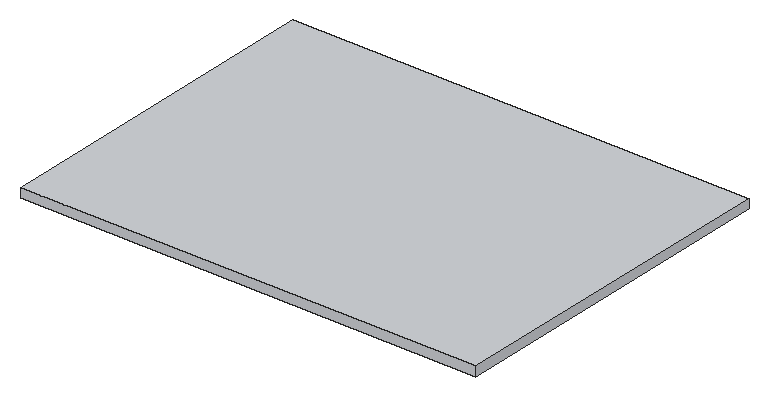
Revit family "2c3f152b89a84cc89f85bd581282946d", category Generic Models, host Wall, Revit 2019
Family settings
  Host = Wall
  Can host rebar = No
  Round Connector Dimension = Use Diameter
  Part Type = Normal
  Seek Item ID = Light Shelf Interior-0000-USA-ENU
  Always vertical = Yes
  Cut with Voids When Loaded = No
  Shared = No
  Room Calculation Point = No
Parameters (values of type "4wide'x3'deep")
  Shelf Width = 4' - 0"
  Shelf Thickness = 0' - 1"
  Depth of Shelf = 3' - 0"
  Bottom of Shelf = 6' - 0"
Types (3): name | Shelf Width | Depth of Shelf | Bottom of Shelf
  (no name) | 4' - 0" | 3' - 0" | 6' - 0"
  6'wideX2'deep | 6' - 0" | 2' - 0" | 7' - 0"
  4wide'x3'deep | 4' - 0" | 3' - 0" | 6' - 0"
Reference planes (in)
  plane 1: y = 0
  plane 2 "Center (Left/Right)": x = 0
  plane 3 "Wall Edge": y = 3
  plane 4: x = -24
  plane 5: x = 24
  plane 6: y = 39
  plane 7: z = 72
Forms (in)
  Extrusion 1, solid
    sketch origin (79.73982, 9, 72) x (1, 0, 0) y (0, 1, 0)
      loop
        line (-103.73982, -6) -> (-55.73982, -6) -> (-55.73982, 30) -> (-103.73982, 30) -> (-103.73982, -6)
    from 0 to 1
Text (in)
  text "Placement Side" at (0, 40.15149, 123.01588), in view "Right"
  text "Placement Side" at (-70.3804, 64.46503, 0), in view "Ref. Level"
  text "Placement Side" at (0, 81.62555, 140.59947), in view "Left"
Dimensions and locks (in)
  locked: plane 3 "Wall Edge" to host wall
  locked: plane 3 "Wall Edge" to plane 1 at 3
  "Depth of Shelf": plane 6 to plane 3 "Wall Edge"
  "Bottom of Shelf": level to plane 7
  "Shelf Width": plane 5 to plane 4
  equal spacing: plane 5, plane 2 "Center (Left/Right)", plane 4
  "Shelf Thickness": Extrusion 1 to plane 7
Automatic sketch dimensions
  Extrusion 1 sketch curve to plane 4 = 0' - 0"
  Extrusion 1 sketch curve to plane 5 = 0' - 0"
  Extrusion 1 sketch curve to host wall = 0' - 0"
  Extrusion 1 sketch curve to plane 6 = 0' - 0"
